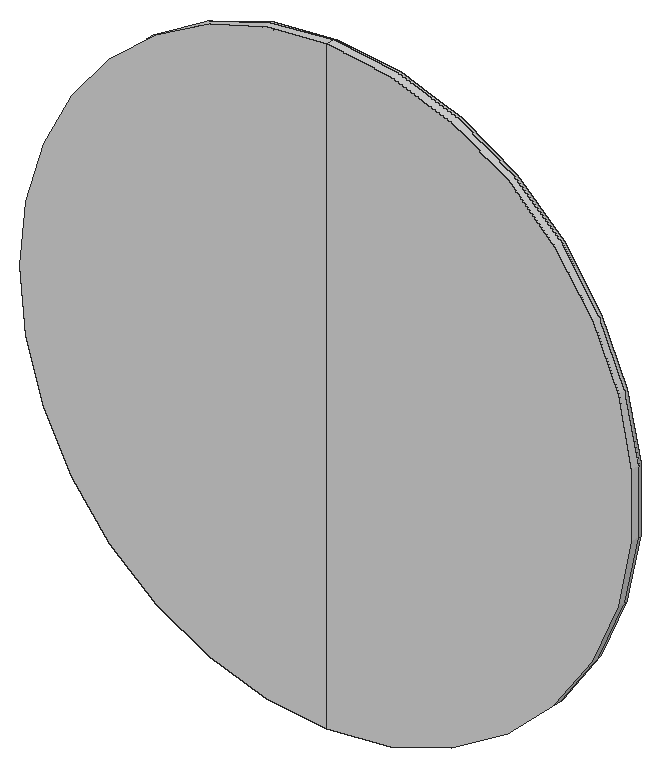
Revit family "CPT-12000", category Plumbing Fixtures, host Wall, Revit 2023
Family settings
  Host = Wall
  Round Connector Dimension = Use Diameter
  Part Type = Normal
  OmniClass Number = 23.45.00.00
  OmniClass Title = Sanitary, Laundry, and Cleaning Equipment
  Enable Cutting in Views = No
  Always vertical = Yes
  Cut with Voids When Loaded = No
  Maintain Annotation Orientation = No
  Shared = No
  Room Calculation Point = No
Parameters
  Material = Steel
  Default Elevation = 0' - 0"
Reference planes (in)
  plane 1: y = 0
  plane 2 "Center (Left/Right)": x = -0.47711
  plane 3 "Back": y = 3
Lines and regions (in)
  symbolic lines, not visible
    curve 1: line (-0.47711, 3, 3.5) -> (-0.47711, 3, 4.25)
    curve 2: line (-0.47711, 3, 4.25) -> (-0.47711, 6.55922, 4.25)
    curve 3: line (-0.47711, 6.55922, -1.55804) -> (-0.47711, 6.55922, 4.25)
    curve 4: line (-0.47711, 3, 4.25) -> (-0.47711, 3, 4.5)
    curve 5: line (-0.47711, 3, 4.25) -> (-0.47711, 2.82322, 4.42678)
    curve 6: line (-0.47711, 3, 4.25) -> (-0.47711, 3.17678, 4.07322)
    curve 7: line (-0.47711, 6.55922, 4.25) -> (-0.47711, 6.55922, 4.5)
    curve 8: line (-0.47711, 6.55922, 4.25) -> (-0.47711, 6.38244, 4.42678)
    curve 9: line (-0.47711, 6.55922, 4.25) -> (-0.47711, 6.73599, 4.07322)
Text (in)
  text "Placement Side" at (-70.3804, 45.82615, 0), in view "Ref. Level"
  text "3- 4" at (0, 4.38851, 4.41305), in view "Left"
  text "3- 4" at (0, 5.07289, 4.41047), in view "Right"
Dimensions and locks (in)
  locked: plane 3 "Back" to host wall
  diameter of nested 1 = 0' - 7"
Nested families (in)
  nested 1: "Family4" at (-0.47711, 3, 0) x (-1, 0, 0) z (0, 1, 0), type "Family4"
Definition of nested family "Family4"
  Parameters (values of type "Family4")
    Material = none
    Default Elevation = 4' - 0"
  Reference planes (in)
    plane 1 "Center (Front/Back)": y = 0
    plane 2: z = 0
    plane 3 "Center (Left/Right)": x = 0
  Forms (in)
    Extrusion 1, solid
      sketch origin (0, 0, 0) x (1, 0, 0) y (0, 1, 0)
        loop
          line (-48, 48) -> (-48, -48) -> (48, -48) -> (48, 48) -> (-48, 48)
      from 0 to -12
    Revolve 2, solid, material <- "Material"
      sketch origin (0, 0, 0) x (0, 1, 0) y (0, 0, 1)
        loop
          line (3.5, 0) -> (3.49663, 0.09646)
          arc (3.49663, 0.09646) -> (3.48187, 0.14069) -> (3.44543, 0.16979) r 0.08227
          arc (3.44543, 0.16979) -> (2.92121, 0.3293) -> (2.37674, 0.39105) r 3.00784
          line (2.37674, 0.39105) -> (0.87903, 0.39105) -> (0.87903, 1.03637)
          arc (0.87903, 1.03637) -> (0.87262, 1.05185) -> (0.85714, 1.05826) r 0.02189
          line (0.85714, 1.05826) -> (0.78777, 1.05826) -> (0.78777, 1.09483) -> (0.87903, 1.09483) -> (0.87903, 1.2925) -> (0, 1.2925) -> (0, 0) -> (3.5, 0)
        axis (0, 0) -> (0, 1.2925)
      angle from 0 to 360
    SweptBlend 3, solid, material <- "Material"
      path origin (0, 0, 0) x (0, 1, 0) y (0, 0, 1)
        loop
          arc (-2.07813, 3.29158) -> (-0.61364, 2.73428) -> (0, 1.2925) r 2.00058
      profile origin (0, -2.07813, 3.29158) x (0, -0.03876, 0.999249) y (1, 0, 0)
        loop
          circle (0, 0) r 0.21435
      end profile origin (0, 0, 1.2925) x (1, 0, 0) y (0, 1, 0)
        loop
          circle (0, 0) r 0.87903
    SweptBlend 4, solid, material <- "Material"
      path origin (0, 0, 0) x (0, 1, 0) y (0, 0, 1)
        loop
          arc (-3.54971, 3.10965) -> (-2.65192, 3.25053) -> (-1.7444, 3.29819) r 8.81209
      profile origin (0, -3.54971, 3.10965) x (0, -0.205757, 0.978603) y (1, 0, 0)
        loop
          circle (0, 0) r 0.29194
      end profile origin (0, -1.7444, 3.29819) x (0, -0.000889, 1) y (1, 0, 0)
        loop
          circle (0, 0) r 0.25
    Extrusion 5, void
      sketch origin (0, 0, 0) x (0, 1, 0) y (0, 0, 1)
        loop
          line (-3.28204, 3.53184) -> (-3.70233, 3.53184) -> (-3.70233, 2.79422) -> (-3.45233, 2.79422) -> (-3.28204, 3.53184)
      from -1 to 1
    Extrusion 6, void
      sketch origin (0, 0, 0.39105) x (-1, 0, 0) y (0, 1, 0)
        loop
          circle (-1.27306, 1.52358) r 0.09702
        loop
          circle (-1.54751, 1.24933) r 0.08996
        loop
          circle (-1.76125, 0.92761) r 0.08507
        loop
          circle (-1.90756, 0.56521) r 0.07991
        loop
          circle (-1.97926, 0.18881) r 0.07692
        loop
          circle (-1.98195, -0.19771) r 0.06721
        loop
          circle (-1.90727, -0.58008) r 0.06273
        loop
          circle (-1.75921, -0.9384) r 0.0584
        loop
          circle (-1.54704, -1.26507) r 0.05493
        loop
          circle (-1.27638, -1.53969) r 0.0481
        loop
          circle (0.83984, -0.83958) r 0.23598
        loop
          circle (-0.83984, 0.83958) r 0.23598
        loop
          circle (-0.83984, 0.83958) r 0.17348
        loop
          circle (0.83984, -0.83958) r 0.17348
      from 0 to 0.25
    Extrusion 7, void
      sketch origin (0, 0, 0.39105) x (-1, 0, 0) y (0, 1, 0)
        loop
          line (-0.81223, 0.87015) -> (-0.81223, 0.93954)
          arc (-0.81223, 0.93954) -> (-0.84139, 0.9463) -> (-0.87056, 0.93954) r 0.06631
          line (-0.87056, 0.93954) -> (-0.87056, 0.87015) -> (-0.94275, 0.87015)
          arc (-0.94275, 0.87015) -> (-0.9502, 0.83958) -> (-0.94275, 0.80902) r 0.06641
          line (-0.94275, 0.80902) -> (-0.87056, 0.80902) -> (-0.87056, 0.73959)
          arc (-0.87056, 0.73959) -> (-0.83984, 0.73286) -> (-0.80948, 0.74102) r 0.06641
          line (-0.80948, 0.74102) -> (-0.80948, 0.80902) -> (-0.73996, 0.80902)
          arc (-0.73996, 0.80902) -> (-0.73251, 0.83958) -> (-0.73996, 0.87015) r 0.06641
          line (-0.73996, 0.87015) -> (-0.81223, 0.87015)
        loop
          line (0.81223, -0.87015) -> (0.81223, -0.93954)
          arc (0.81223, -0.93954) -> (0.84139, -0.9463) -> (0.87056, -0.93954) r 0.06631
          line (0.87056, -0.93954) -> (0.87056, -0.87015) -> (0.94275, -0.87015)
          arc (0.94275, -0.87015) -> (0.9502, -0.83958) -> (0.94275, -0.80902) r 0.06641
          line (0.94275, -0.80902) -> (0.87056, -0.80902) -> (0.87056, -0.73959)
          arc (0.87056, -0.73959) -> (0.83984, -0.73286) -> (0.80948, -0.74102) r 0.06641
          line (0.80948, -0.74102) -> (0.80948, -0.80902) -> (0.73996, -0.80902)
          arc (0.73996, -0.80902) -> (0.73251, -0.83958) -> (0.73996, -0.87015) r 0.06641
          line (0.73996, -0.87015) -> (0.81223, -0.87015)
      from 0 to 0.0625
    Revolve 8, solid, material <- "Material"
      sketch origin (0, 0, 0) x (0, 1, 0) y (0, 0, 1)
        loop
          line (-3.37224, 3.14116) -> (-3.30151, 3.44753)
          arc (-3.30151, 3.44753) -> (-3.46781, 3.35245) -> (-3.55995, 3.1845) r 0.35292
          line (-3.55995, 3.1845) -> (-3.37224, 3.14116)
        axis (-3.37224, 3.14116) -> (-3.55995, 3.1845)
      angle from 0 to 360
    Extrusion 9, void
      sketch origin (0, -0.08476, 0) x (0, 1, 0) y (0, 0, 1)
        loop
          line (-3.2477, 3.53184) -> (-3.70233, 3.53184) -> (-3.70233, 2.79422) -> (-3.41799, 2.79422) -> (-3.2477, 3.53184)
      from -1 to 1
  Cuts and joins
    Extrusion 9 cuts SweptBlend 3
    Extrusion 5, Extrusion 9 cuts SweptBlend 4
    joined: SweptBlend 3, SweptBlend 4
    Extrusion 6, Extrusion 7 cuts Revolve 2
    Extrusion 9 cuts Revolve 8
  Dimensions and locks (in)
    aligned and locked: plane 2 to Extrusion 1
    aligned and locked: level to Extrusion 1
